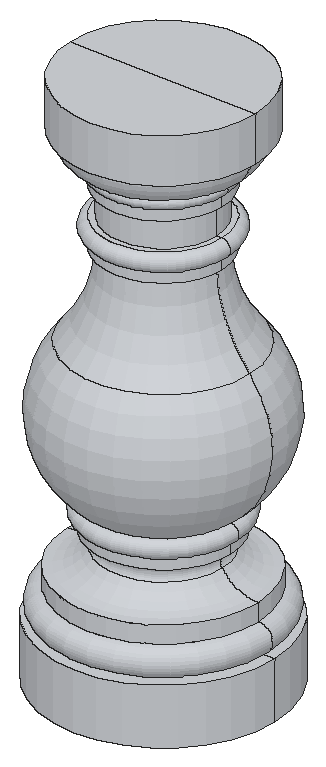
Revit family
Parameters (values of type "Balustrade G12")
  Width = 0' - 5"
  URL = "www.strombergarchitectural.com"
  Top Material = none
  Submittal Sheet = "www.strombergarchitectural.com/images/materials/gfrc/submittal/gfrc-submittal-sheet.pdf"
  Specifications = "www.strombergarchitectural.com/gfrcspecifications"
  Model Cut-sheet = "http://www.strombergarchitectural.com/products/balustrade/design/G12"
  Model = "Balustrade G12"
  Manufacturer = "Stromberg Architectural Products"
  Guidebook = "www.strombergarchitectural.com/images/materials/gfrc/handbooks/gfrc_guidebook.pdf   \r\n(http://www.strombergarchitectural.com/images/materials/gfrc/handbooks/gfrc_guidebook.pdf"
  Description = "GFRC Baluster"
  Assembly Code = ""
  Height = 1' - 0"
  XXX.5 = no
  XXX.4 = no
  XXX.3 = no
  XXX.2 = no
  XXX.1 = yes
Reference planes (in)
  plane 1 "Center (Front/Back)": y = 3.74847
  plane 2: z = 0
  plane 3 "Center (Left/Right)": x = 0.7278
Forms (in)
  Revolve 1, solid
    sketch origin (0, 3.74847, 0) x (1, 0, 0) y (0, 0, 1)
      loop
        line (0.7278, 12) -> (-1.3347, 12) -> (-1.3347, 11) -> (-1.2097, 11)
        arc (-1.2097, 11) -> (-1.02664, 10.55806) -> (-0.5847, 10.375) r 0.625
        arc (-0.5847, 10.375) -> (-0.7097, 10.25) -> (-0.5847, 10.125) r 0.125
        line (-0.5847, 10.125) -> (-0.5847, 9.875) -> (-0.4597, 9.875) -> (-0.4597, 9.25) -> (-0.5847, 9.25)
        arc (-0.5847, 9.25) -> (-0.7722, 9.0625) -> (-0.5847, 8.875) r 0.1875
        line (-0.5847, 8.875) -> (-0.5847, 8.625) -> (-0.4597, 8.625)
        arc (-0.4597, 8.625) -> (-0.66065, 7.61788) -> (-1.2097, 6.75) r 2.81308
        arc (-1.2097, 6.75) -> (-1.7012, 5.08806) -> (-0.7722, 3.625) r 2.09404
        arc (-0.7722, 3.625) -> (-0.9597, 3.4375) -> (-0.7722, 3.25) r 0.1875
        line (-0.7722, 3.25) -> (-0.7722, 3)
        arc (-0.7722, 3) -> (-0.57704, 2.88293) -> (-0.58416, 2.65547) r 0.22475
        arc (-0.58416, 2.65547) -> (-0.93875, 2.3486) -> (-1.3972, 2.25) r 0.94484
        line (-1.3972, 2.25) -> (-1.3972, 1.875)
        arc (-1.3972, 1.875) -> (-1.7097, 1.5625) -> (-1.3972, 1.25) r 0.3125
        line (-1.3972, 1.25) -> (-1.7722, 1.25) -> (-1.7722, 0) -> (0.7278, 0) -> (0.7278, 12)
      axis (0.7278, 12) -> (0.7278, 0)
    angle from 0 to 360
Dimensions and locks (in)
  aligned and locked: level to plane 2
